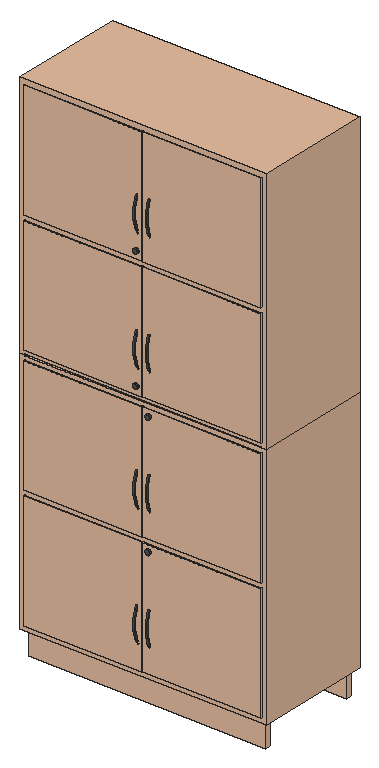
Revit family "Furniture_ShelvingStorage_Sjobergs_Cabinet_2", category Furniture, Revit 2018
Family settings
  OmniClass Number = 23.40.20.27.21
  OmniClass Title = Mobile Storage Units
  Work Plane-Based = No
  Always vertical = Yes
  Cut with Voids When Loaded = No
  Shared = No
  Room Calculation Point = No
Parameters (values of type "33031 Sjobergs Complete Cabinet 2")
  WarrantyStartDate [instance] = "n/a"
  WarrantyGuarantorParts = "n/a"
  WarrantyGuarantorLabor = "n/a"
  WarrantyDurationUnit = "n/a"
  WarrantyDurationParts = "n/a"
  WarrantyDurationLabor = "n/a"
  WarrantyDescription = "n/a"
  VersionDate = "30/06/2020"  # constant formula
  Version = "1"  # constant formula
  Uniclass2015Reference = "Pr_40_30_78_25"
  Uniclass2015Description = "Storage units"
  Uniclass2 = "Pr_40_30_78_24"
  URL = "https://www.sjobergs.se/sortiment/forvaring/58.php?id=1169&cat=11&lang=se&artnr=33031"
  Type Comments = ""
  TagNumber [instance] = "n//a"
  SustainabilityPerformance = "n/a"
  Style = "n/a"
  Size = "1000x490x2100 mm"
  ShowClearance [instance] = yes
  Shape = "Sculptured"
  SerialNumber [instance] = "n/a"
  Revision = "n/a"
  ReplacementCost = "n/a"
  ProductInformation = "A full height cabinet includes three fixed and four removable shelves."
  ProductDatasheet = "https://www.sjobergs.se/dbhires/Produktblad_skap2_33031.pdf"
  NominalWidth = 1000 mm
  NominalHeight = 2100 mm
  NominalDepth = 930 mm
  Name = "Sjobergs_Cabinet_2"
  NBSReference = "45-35-47/415"
  NBSDescription = "Cabinets"
  ModelReference = "n/a"
  ModelNumber = "33031"
  Material = "Wood"
  ManufacturerName = "Sjobergs"
  ManufacterURL = "https://www.sjobergs.se/en/"
  MainColor = "Wooden"
  InstallationDate [instance] = "n/a"
  EANNumber = ""
  DrawerTertiaryMaterial = Clearance
  DrawerSecondaryMaterial [instance] = Black Metal
  DrawerMainMaterial [instance] = Beech
  DoorsVisibility [instance] = no
  Description = "A full height cabinet includes three fixed and four removable shelves."
  Model = "33031 Sjobergs Complete Cabinet 2"
  Manufacturer = "Sjobergs"
  IfcExportType = "DRAWER"  # constant formula
  IfcExportAs = "IfcFurnitureType"  # constant formula
  Grade = "n/a"
  Finish = "Birch plywood 18 mm, doors in birch laminate"
  Features = "As stable, robust and functional as Cabinet 1 with half-doors in birch and potty hinges that allow the doors to open 170 degrees.\r\nThe interior consists of 4 fixed and 4 removable shelves in 18 mm birch plywood.\r\nWith base, the cabinet has a full height of 2100 mm, depth 490 mm and width of\r\n1000 mm.\r\nA sturdy cabinet for student work or other storage. Frame and interior in 18\r\nmm birch plywood that provides both stability and durability. Doors in birch.\r\nThe cabinets come unmounted in flat pack, knock down. Everything to minimize\r\nthe risk of injury during transport. The mounting of the cabinets is very simple,\r\ninstallation instructions are included in the packages.\r\nWe also supply pre-assembled cabinets at an additional cost."
  ExpectedLife = "n/a"
  DurationUnit = "n/a"
  Cost = 0
  ConvergoRefNr = "0184-2005-0012-SE"
  Constituents = "n/a"
  Color = "Wooden"
  Collection = "Cabinet"
  CodePerformance = "n/a"
  Category = "Cabinets"
  Brand = "Sjobergs"
  Barcode [instance] = "n/a"
  BIMObjectName = "Furniture_Shelving&Storage_Sjobergs_Cabinet_2"
  Author = "Convergo AB"  # constant formula
  AssetType = "Movable"
  AssetIdentifier [instance] = "n/a"
  AccessibilityPerformance = "n/a"
Reference planes
  plane 1 "Center (Front/Back)": y = 0
  plane 2: z = 0
  plane 3 "Center (Left/Right)": x = 0
  plane 4: x = -500
  plane 5: x = 500
  plane 6: z = 2100
  plane 7: y = 465
  plane 8: y = -465
Forms (mm)
  Extrusion 1, solid, material "Clearance" <- "DrawerTertiaryMaterial", visible <- "ShowClearance", detail levels coarse+medium
    sketch origin (0, 173.5, 0) x (1, 0, 0) y (0, 1, 0)
      loop
        line (-480, -173.5) -> (-479.992, -653.5)
        arc (-479.992, -653.5) -> (-140.586, -512.908) -> (0, -173.5) r 480
        line (0, -173.5) -> (-480, -173.5)
    from 120 to 2079.875
  Extrusion 2, solid, material "Clearance" <- "DrawerTertiaryMaterial", visible <- "ShowClearance", detail levels coarse+medium
    sketch origin (0, 173.5, 0) x (-1, 0, 0) y (0, -1, 0)
      loop
        line (-480, 173.5) -> (0, 173.5)
        arc (0, 173.5) -> (-140.586, 512.908) -> (-479.992, 653.5) r 480
        line (-479.992, 653.5) -> (-480, 173.5)
    from 120 to 2079.875
Dimensions and locks
  equal spacing: plane 4, plane 3 "Center (Left/Right)", plane 5
  "NominalWidth": plane 4 to plane 5
  "NominalHeight": plane 6 to plane 2
  equal spacing: plane 8, plane 1 "Center (Front/Back)", plane 7
  "NominalDepth": plane 8 to plane 7
  aligned and locked: level to plane 2
Automatic sketch dimensions
  Extrusion 1 sketch curve to plane 3 "Center (Left/Right)" = 0 mm
  Extrusion 1 sketch curve to plane 4 = 20.008 mm
  Extrusion 1 sketch curve to plane 4 = 20 mm
  Extrusion 1 sketch curve to Extrusion 1 sketch curve = 0 mm
  Extrusion 2 sketch curve to plane 3 "Center (Left/Right)" = 0 mm
  plane 5 to Extrusion 2 sketch curve = 20.008 mm
  plane 5 to Extrusion 2 sketch curve = 20 mm
  Extrusion 2 sketch curve to Extrusion 2 sketch curve = 0 mm
  plane 1 "Center (Front/Back)" to Extrusion 1 sketch curve = 480 mm
  Extrusion 2 sketch curve to plane 1 "Center (Front/Back)" = 480 mm
Nested families
  nested 1: "Cabinet 2" at (0, 117, 0), Material 1 <- "DrawerMainMaterial", Material 2 <- "DrawerSecondaryMaterial", Opened <- "DoorsVisibility", type "Cabinet 2"
    with Opened no, Material 2 Black Metal, Material 1 Beech, Extrude 193.5 mm, Closed yes
Definition of nested family "Cabinet 2"
  Parameters (values of type "Cabinet 2")
    Opened [instance] = no
    Material 2 [instance] = none
    Material 1 [instance] = none
    Extrude [instance] = if(Opened, 296.5 mm, 193.5 mm)  # 193.5 mm
    Closed [instance] = not(Opened)  # yes
  Reference planes
    plane 1 "Center (Front/Back)": y = 51.5
    plane 2: z = 0
    plane 3 "Center (Left/Right)": x = 0
    plane 4: x = -500
    plane 5: y = -142
    plane 6: x = 500
    plane 7: z = 2100
    plane 8: y = 348
    plane 9: y = -142
    plane 10: y = -122
    plane 11: x = -480.002
    plane 12: x = -470
    plane 13: x = -450
    plane 14: x = -25
    plane 15: x = 25
    plane 16: z = 1859.758
    plane 17: z = 1698.242
    plane 18: y = -222
    plane 19: z = 1368.758
    plane 20: z = 860.758
    plane 21: z = 369.758
    plane 22: y = 215
    plane 23: y = -582
    plane 24: y = -559
  Forms (mm)
    Extrusion 1, solid, material <- "Material 1", detail levels medium+fine
      sketch origin (0, 0, 0) x (1, 0, 0) y (0, 1, 0)
        loop
          line (-500, 348) -> (-500, -122) -> (500, -122) -> (500, 348) -> (-500, 348)
      from 1100 to 2100
    Extrusion 2, solid, material <- "Material 1", visible <- "Closed", detail levels medium+fine
      sketch origin (-1085.763, -225, 322.722) x (1, 0, 0) y (0, 0, 1)
        loop
          line (605.763, 1757.153) -> (605.763, 1287.153) -> (1083.763, 1287.153) -> (1083.763, 1757.153) -> (605.763, 1757.153)
        loop
          line (1087.763, 1287.153) -> (1565.763, 1287.153) -> (1565.763, 1757.153) -> (1087.763, 1757.153) -> (1087.763, 1287.153)
        loop
          line (605.763, 1266.153) -> (605.763, 796.153) -> (1083.763, 796.153) -> (1083.763, 1266.153) -> (605.763, 1266.153)
        loop
          line (1087.763, 796.153) -> (1565.763, 796.153) -> (1565.763, 1266.153) -> (1087.763, 1266.153) -> (1087.763, 796.153)
        loop
          line (605.763, -202.847) -> (1083.763, -202.847) -> (1083.763, 267.153) -> (605.763, 267.153) -> (605.763, -202.847)
        loop
          line (1087.763, 267.153) -> (1087.763, -202.847) -> (1565.763, -202.847) -> (1565.763, 267.153) -> (1087.763, 267.153)
        loop
          line (605.763, 288.153) -> (1083.763, 288.153) -> (1083.763, 758.153) -> (605.763, 758.153) -> (605.763, 288.153)
        loop
          line (1087.763, 758.153) -> (1087.763, 288.153) -> (1565.763, 288.153) -> (1565.763, 758.153) -> (1087.763, 758.153)
      from -103 to -98
    Extrusion 3, solid, material <- "Material 2", visible <- "Closed", detail levels medium+fine
      sketch origin (-1084.991, 902.153, 324.777) x (1, 0, 0) y (0, 0, 1)
        loop
          circle (1059.991, 1315.153) r 9.75
        loop
          circle (1059.991, 824.153) r 9.75
        loop
          circle (1109.991, 730.153) r 9.75
        loop
          circle (1109.991, 239.153) r 9.75
      from 1029.153 to 1034.153
    Extrusion 4, solid, material <- "Material 1", detail levels coarse
      sketch origin (0, 0, 0) x (1, 0, 0) y (0, 1, 0)
        loop
          line (-500, 348) -> (-500, -142) -> (500, -142) -> (500, 348) -> (-500, 348)
      from 0 to 2100
    Extrusion 5, solid, material <- "Material 1", detail levels medium+fine
      sketch origin (0, 0, 0) x (1, 0, 0) y (0, 1, 0)
        loop
          line (-480, 308) -> (480, 308) -> (480, 328) -> (-480, 328) -> (-480, 308)
        loop
          line (-480, -82) -> (-480, -102) -> (480, -102) -> (480, -82) -> (-480, -82)
      from 0 to 100
    Extrusion 6, void
      sketch origin (0, 0, 0) x (1, 0, 0) y (0, 0, 1)
        loop
          line (-480, 1102.5) -> (-480, 1097.5) -> (480, 1097.5) -> (480, 1102.5) -> (-480, 1102.5)
      from -335.925 to 122
    Extrusion 7, solid, material <- "Material 1", detail levels medium+fine
      sketch origin (0, 0, 0) x (1, 0, 0) y (0, 1, 0)
        loop
          line (-500, 348) -> (-500, -122) -> (500, -122) -> (500, 348) -> (-500, 348)
      from 100 to 1100
    Sweep 8, solid, material <- "Material 2", visible <- "Closed", detail levels medium+fine
      path origin (0, 102.998, -999) x (0, 1, 0) y (0, 0, 1)
        loop
          arc (-220.361, 1859.758) -> (-242, 1779) -> (-220.361, 1698.242) r 161.516
      profile origin (0, -139.002, 780) x (1, 0, 0) y (0, 1, 0)
        loop
          circle (-25, 0) r 3
        loop
          circle (25, 0) r 3
    Sweep 9, solid, material <- "Material 2", visible <- "Closed", detail levels medium+fine
      path origin (0, 102.998, -1490) x (0, 1, 0) y (0, 0, 1)
        loop
          arc (-220.361, 1859.758) -> (-242, 1779) -> (-220.361, 1698.242) r 161.516
      profile origin (0, -139.002, 289) x (1, 0, 0) y (0, 1, 0)
        loop
          circle (-25, 0) r 3
        loop
          circle (25, 0) r 3
    Sweep 10, solid, material <- "Material 2", visible <- "Closed", detail levels medium+fine
      path origin (0, 102.998, -491) x (0, 1, 0) y (0, 0, 1)
        loop
          arc (-220.361, 1859.758) -> (-242, 1779) -> (-220.361, 1698.242) r 161.516
      profile origin (0, -139.002, 1288) x (1, 0, 0) y (0, 1, 0)
        loop
          circle (-25, 0) r 3
        loop
          circle (25, 0) r 3
    Sweep 11, solid, material <- "Material 2", visible <- "Closed", detail levels medium+fine
      path origin (0, 102.998, 0) x (0, 1, 0) y (0, 0, 1)
        loop
          arc (-220.361, 1859.758) -> (-242, 1779) -> (-220.361, 1698.242) r 161.516
      profile origin (0, -139.002, 1779) x (1, 0, 0) y (0, 1, 0)
        loop
          circle (-25, 0) r 3
        loop
          circle (25, 0) r 3
    Extrusion 12, void
      sketch origin (0.097, 51.5, 0) x (1, 0, 0) y (0, 0, 1)
        loop
          line (-450.097, 610.875) -> (449.903, 610.875) -> (449.903, 1080.875) -> (-450.097, 1080.875) -> (-450.097, 610.875)
      from -284.425 to 193.5
    Extrusion 13, void
      sketch origin (0.097, 51.5, 0) x (1, 0, 0) y (0, 0, 1)
        loop
          line (449.903, 2080) -> (-450.097, 2080) -> (-450.097, 1609.875) -> (449.903, 1609.875) -> (449.903, 2080)
      from -284.425 to 193.5
    Extrusion 14, void
      sketch origin (0.097, 51.5, -491) x (1, 0, 0) y (0, 0, 1)
        loop
          line (449.903, 2080) -> (-450.097, 2080) -> (-450.097, 1609.875) -> (449.903, 1609.875) -> (449.903, 2080)
      from -284.425 to 193.5
    Extrusion 15, void
      sketch origin (0.097, 51.5, -491) x (1, 0, 0) y (0, 0, 1)
        loop
          line (-450.097, 610.875) -> (449.903, 610.875) -> (449.903, 1080.875) -> (-450.097, 1080.875) -> (-450.097, 610.875)
      from -284.425 to 193.5
    Extrusion 16, void
      sketch origin (-0.002, 0, 0) x (1, 0, 0) y (0, 0, 1)
        loop
          line (-480, 610.875) -> (-449.998, 610.875) -> (-449.998, 1080.875) -> (-480, 1080.875) -> (-480, 610.875)
        loop
          line (480, 610.875) -> (480, 1080.875) -> (450.002, 1080.875) -> (450.002, 610.875) -> (480, 610.875)
      from -328 to 142
    Extrusion 17, void
      sketch origin (-0.002, 0, 0) x (1, 0, 0) y (0, 0, 1)
        loop
          line (-480, 2080) -> (-480, 1609.875) -> (-449.998, 1609.875) -> (-449.998, 2080) -> (-480, 2080)
        loop
          line (480, 2080) -> (450.002, 2080) -> (450.002, 1609.875) -> (480, 1609.875) -> (480, 2080)
      from -328 to 142
    Extrusion 18, void
      sketch origin (-0.002, 0, -491) x (1, 0, 0) y (0, 0, 1)
        loop
          line (-480, 2080) -> (-480, 1609.875) -> (-449.998, 1609.875) -> (-449.998, 2080) -> (-480, 2080)
        loop
          line (480, 2080) -> (450.002, 2080) -> (450.002, 1609.875) -> (480, 1609.875) -> (480, 2080)
      from -328 to 142
    Extrusion 19, void
      sketch origin (-0.002, 0, -491) x (1, 0, 0) y (0, 0, 1)
        loop
          line (-480, 610.875) -> (-449.998, 610.875) -> (-449.998, 1080.875) -> (-480, 1080.875) -> (-480, 610.875)
        loop
          line (480, 610.875) -> (480, 1080.875) -> (450.002, 1080.875) -> (450.002, 610.875) -> (480, 610.875)
      from -328 to 142
    Extrusion 20, solid, material <- "Material 1", visible <- "Opened", detail levels medium+fine
      sketch origin (-2952.99, 18.911, -1957.686) x (1, 0, 0) y (0, 0, 1)
        loop
          line (2485.49, 3567.561) -> (2490.49, 3567.561) -> (2490.49, 4037.686) -> (2485.49, 4037.686) -> (2485.49, 3567.561)
        loop
          line (3420.49, 3567.561) -> (3420.49, 4037.686) -> (3415.49, 4037.686) -> (3415.49, 3567.561) -> (3420.49, 3567.561)
        loop
          line (2485.49, 3076.561) -> (2490.49, 3076.561) -> (2490.49, 3546.686) -> (2485.49, 3546.686) -> (2485.49, 3076.561)
        loop
          line (3420.49, 3076.561) -> (3420.49, 3546.686) -> (3415.49, 3546.686) -> (3415.49, 3076.561) -> (3420.49, 3076.561)
        loop
          line (2485.49, 2568.561) -> (2490.49, 2568.561) -> (2490.49, 3038.686) -> (2485.49, 3038.686) -> (2485.49, 2568.561)
        loop
          line (3420.49, 2568.561) -> (3420.49, 3038.686) -> (3415.49, 3038.686) -> (3415.49, 2568.561) -> (3420.49, 2568.561)
        loop
          line (2485.49, 2077.561) -> (2490.49, 2077.561) -> (2490.49, 2547.686) -> (2485.49, 2547.686) -> (2485.49, 2077.561)
        loop
          line (3420.49, 2077.561) -> (3420.49, 2547.686) -> (3415.49, 2547.686) -> (3415.49, 2077.561) -> (3420.49, 2077.561)
      from 140.911 to 600.911
    Sweep 21, solid, material <- "Material 2", visible <- "Opened", detail levels medium+fine
      path origin (-244.621, -584.029, 0) x (1, 0, 0) y (0, 0, 1)
        loop
          arc (-220.361, 1859.758) -> (-242, 1779) -> (-220.361, 1698.242) r 161.516
      profile origin (-486.621, -584.029, 1779) x (0, -1, 0) y (1, 0, 0)
        loop
          circle (-25, 0) r 3
    Sweep 22, solid, material <- "Material 2", visible <- "Opened", detail levels medium+fine
      path origin (244.621, -584.029, 0) x (-1, 0, 0) y (0, 0, -1)
        loop
          arc (-220.361, -1859.758) -> (-242, -1779) -> (-220.361, -1698.242) r 161.516
      profile origin (486.621, -584.029, 1779) x (0, -1, 0) y (1, 0, 0)
        loop
          circle (-25, 0) r 3
    Sweep 23, solid, material <- "Material 2", visible <- "Opened", detail levels medium+fine
      path origin (-244.621, -584.029, -491) x (1, 0, 0) y (0, 0, 1)
        loop
          arc (-220.361, 1859.758) -> (-242, 1779) -> (-220.361, 1698.242) r 161.516
      profile origin (-486.621, -584.029, 1288) x (0, -1, 0) y (1, 0, 0)
        loop
          circle (-25, 0) r 3
    Sweep 24, solid, material <- "Material 2", visible <- "Opened", detail levels medium+fine
      path origin (244.621, -584.029, -491) x (-1, 0, 0) y (0, 0, -1)
        loop
          arc (-220.361, -1859.758) -> (-242, -1779) -> (-220.361, -1698.242) r 161.516
      profile origin (486.621, -584.029, 1288) x (0, -1, 0) y (1, 0, 0)
        loop
          circle (-25, 0) r 3
    Sweep 25, solid, material <- "Material 2", visible <- "Opened", detail levels medium+fine
      path origin (-244.621, -584.029, -999) x (1, 0, 0) y (0, 0, 1)
        loop
          arc (-220.361, 1859.758) -> (-242, 1779) -> (-220.361, 1698.242) r 161.516
      profile origin (-486.621, -584.029, 780) x (0, -1, 0) y (1, 0, 0)
        loop
          circle (-25, 0) r 3
    Sweep 26, solid, material <- "Material 2", visible <- "Opened", detail levels medium+fine
      path origin (244.621, -584.029, -999) x (-1, 0, 0) y (0, 0, -1)
        loop
          arc (-220.361, -1859.758) -> (-242, -1779) -> (-220.361, -1698.242) r 161.516
      profile origin (486.621, -584.029, 780) x (0, -1, 0) y (1, 0, 0)
        loop
          circle (-25, 0) r 3
    Sweep 27, solid, material <- "Material 2", visible <- "Opened", detail levels medium+fine
      path origin (-244.621, -584.029, -1490) x (1, 0, 0) y (0, 0, 1)
        loop
          arc (-220.361, 1859.758) -> (-242, 1779) -> (-220.361, 1698.242) r 161.516
      profile origin (-486.621, -584.029, 289) x (0, -1, 0) y (1, 0, 0)
        loop
          circle (-25, 0) r 3
    Sweep 28, solid, material <- "Material 2", visible <- "Opened", detail levels medium+fine
      path origin (244.621, -584.029, -1490) x (-1, 0, 0) y (0, 0, -1)
        loop
          arc (-220.361, -1859.758) -> (-242, -1779) -> (-220.361, -1698.242) r 161.516
      profile origin (486.621, -584.029, 289) x (0, -1, 0) y (1, 0, 0)
        loop
          circle (-25, 0) r 3
    Extrusion 29, solid, material <- "Material 2", visible <- "Opened", detail levels medium+fine
      sketch origin (484.639, 500.991, 324.777) x (0, -1, 0) y (0, 0, 1)
        loop
          circle (1059.991, 1315.153) r 9.75
      from 954.639 to 959.639
    Extrusion 30, solid, material <- "Material 2", visible <- "Opened", detail levels medium+fine
      sketch origin (484.639, 500.991, -166.223) x (0, -1, 0) y (0, 0, 1)
        loop
          circle (1059.991, 1315.153) r 9.75
      from 954.639 to 959.639
    Extrusion 31, solid, material <- "Material 2", visible <- "Opened", detail levels medium+fine
      sketch origin (484.639, 500.991, -264.223) x (0, -1, 0) y (0, 0, 1)
        loop
          circle (1059.991, 1315.153) r 9.75
      from 9.639 to 14.639
    Extrusion 32, solid, material <- "Material 2", visible <- "Opened", detail levels medium+fine
      sketch origin (484.639, 500.991, -755.223) x (0, -1, 0) y (0, 0, 1)
        loop
          circle (1059.991, 1315.153) r 9.75
      from 9.639 to 14.639
  Cuts and joins
    Extrusion 6, Extrusion 13, Extrusion 14, Extrusion 17, Extrusion 18 cuts Extrusion 1
    Extrusion 6, Extrusion 12, Extrusion 15, Extrusion 16, Extrusion 19 cuts Extrusion 7
    Extrusion 14 cuts Sweep 11
    Extrusion 15 cuts Sweep 8
  Lines and regions (mm)
    symbolic lines, detail levels medium+fine
      curve 1: line (-461, 348, 0) -> (461, 348, 0)
      curve 2: line (480, 348, 0) -> (500, 348, 0)
      curve 3: line (500, 348, 0) -> (500, -122, 0)
      curve 4: line (500, -122, 0) -> (480, -122, 0)
      curve 6: line (-500, -122, 0) -> (-500, 348, 0)
      curve 7: line (-500, 348, 0) -> (-480, 348, 0)
      curve 8: line (-480, -122, 0) -> (-500, -122, 0)
      curve 9: line (461, 348, 0) -> (480, 348, 0)
      curve 10: line (-480, 348, 0) -> (-461, 348, 0)
      curve 11: line (0, 348, 2100) -> (0, -122, 2100)
      curve 12: line (0, -122, 100) -> (0, -102, 100)
      curve 13: line (0, -102, 100) -> (0, -102, 0)
      curve 14: line (0, -102, 0) -> (0, -82, 0)
      curve 15: line (0, -82, 0) -> (0, -82, 100)
      curve 16: line (0, -82, 100) -> (0, 308, 100)
      curve 17: line (0, 308, 100) -> (0, 308, 0)
      curve 18: line (0, 308, 0) -> (0, 328, 0)
      curve 19: line (0, 328, 0) -> (0, 328, 100)
      curve 20: line (0, 328, 100) -> (0, 348, 100)
      curve 21: line (0, 348, 100) -> (0, 348, 120)
      curve 22: line (0, 348, 1100) -> (0, 348, 1140)
      curve 23: line (0, 348, 2100) -> (0, 348, 120)
      curve 33: line (-500, 51.5, 2100) -> (500, 51.5, 2100)
      curve 34: line (500, 51.5, 2100) -> (500, 51.5, 100)
      curve 35: line (500, 51.5, 100) -> (480, 51.5, 100)
      curve 36: line (480, 51.5, 100) -> (480, 51.5, 0)
      curve 37: line (480, 51.5, 0) -> (-480, 51.5, 0)
      curve 38: line (-480, 51.5, 0) -> (-480, 51.5, 100)
      curve 39: line (-480, 51.5, 100) -> (-500, 51.5, 100)
      curve 40: line (-500, 51.5, 100) -> (-500, 51.5, 2100)
      curve 71: line (0, -122, 100) -> (0, -122, 119.875)
      curve 99: line (0, -122, 1080.875) -> (0, -122, 1118.875)
      curve 100: line (0, -122, 589.875) -> (0, -122, 610.875)
      curve 103: line (0, -122, 1609.875) -> (0, -122, 1588.875)
      curve 155: line (2, -122, 0) -> (-2, -122, 0)
    symbolic lines, visible <- "Closed", detail levels fine
      curve 5: line (480, -122, 0) -> (2, -122, 0)
      curve 31: line (-34.75, -127, 0) -> (-15.25, -127, 0)
      curve 42: line (-480, 51.5, 120) -> (480, 51.5, 120)
      curve 43: line (480, 51.5, 120) -> (480, 51.5, 2079.875)
      curve 45: line (-480, 51.5, 2079.875) -> (-480, 51.5, 120)
      curve 46: line (-2, 51.5, 589.875) -> (-480, 51.5, 589.875)
      curve 47: line (-2, 51.5, 589.875) -> (-2, 51.5, 120)
      curve 48: line (2, 51.5, 589.875) -> (480, 51.5, 589.875)
      curve 49: line (2, 51.5, 589.875) -> (2, 51.5, 120)
      curve 50: line (-480, 51.5, 610.875) -> (480, 51.5, 610.875)
      curve 51: line (480, 51.5, 1080.875) -> (2, 51.5, 1080.875)
      curve 52: line (2, 51.5, 1080.875) -> (-2, 51.5, 1080.875)
      curve 53: line (-2, 51.5, 1080.875) -> (-480, 51.5, 1080.875)
      curve 54: line (-2, 51.5, 1080.875) -> (-2, 51.5, 610.875)
      curve 55: line (2, 51.5, 610.875) -> (2, 51.5, 1080.875)
      curve 56: arc (15.25, 51.5, 1054.931) -> (25, 51.5, 1045.181) -> (34.75, 51.5, 1054.931) r 9.75
      curve 57: arc (34.75, 51.5, 1054.931) -> (25, 51.5, 1064.681) -> (15.25, 51.5, 1054.931) r 9.75
      curve 58: arc (34.75, 51.5, 563.931) -> (25, 51.5, 573.681) -> (15.25, 51.5, 563.931) r 9.75
      curve 59: arc (15.25, 51.5, 563.931) -> (25, 51.5, 554.181) -> (34.75, 51.5, 563.931) r 9.75
      curve 60: line (-480, 51.5, 2080) -> (480, 51.5, 2080)
      curve 61: line (-2, 51.5, 1610.125) -> (-480, 51.5, 1610.125)
      curve 62: line (-2, 51.5, 1610.125) -> (-2, 51.5, 2080)
      curve 63: line (2, 51.5, 1609.875) -> (480, 51.5, 1609.875)
      curve 64: line (2, 51.5, 1609.875) -> (2, 51.5, 2080)
      curve 65: line (-480, 51.5, 1589.125) -> (480, 51.5, 1589.125)
      curve 66: line (480, 51.5, 1119.125) -> (2, 51.5, 1119.125)
      curve 67: line (2, 51.5, 1119.125) -> (-2, 51.5, 1119.125)
      curve 68: line (-2, 51.5, 1119.125) -> (-480, 51.5, 1119.125)
      curve 69: line (-2, 51.5, 1119.125) -> (-2, 51.5, 1589.125)
      curve 70: line (2, 51.5, 1589.125) -> (2, 51.5, 1119.125)
      curve 104: line (0, -122, 2079.875) -> (0, -122, 119.875)
      curve 105: line (0, -127, 554.181) -> (0, -127, 573.681)
      curve 106: line (0, -127, 1064.681) -> (0, -127, 1045.181)
      curve 107: line (0, -127, 1158.681) -> (0, -127, 1139.181)
      curve 108: line (0, -127, 1649.681) -> (0, -127, 1630.181)
      curve 109: arc (0, -127, 357.634) -> (0, -142.002, 289) -> (0, -127, 220.366) r 164.506
      curve 110: arc (0, -127, 341.655) -> (0, -136.002, 289) -> (0, -127, 236.345) r 158.506
      curve 112: arc (0, -127, 832.655) -> (0, -136.002, 780) -> (0, -127, 727.345) r 158.506
      curve 114: arc (0, -127, 1340.655) -> (0, -136.002, 1288) -> (0, -127, 1235.345) r 158.506
      curve 116: arc (0, -127, 1831.655) -> (0, -136.002, 1779) -> (0, -127, 1726.345) r 158.506
      curve 118: line (0, -127, 1710.366) -> (0, -127, 1847.634)
      curve 120: line (0, -127, 1219.366) -> (0, -127, 1356.634)
      curve 122: line (0, -127, 711.366) -> (0, -127, 848.634)
      curve 123: line (-28, 51.5, 1859.758) -> (-28, 51.5, 1698.242)
      curve 124: line (-22, 51.5, 1859.758) -> (-22, 51.5, 1698.242)
      curve 125: arc (-22, 51.5, 1859.758) -> (-25, 51.5, 1862.758) -> (-28, 51.5, 1859.758) r 3
      curve 126: arc (-28, 51.5, 1698.242) -> (-25, 51.5, 1695.242) -> (-22, 51.5, 1698.242) r 3
      curve 127: line (-28, 51.5, 1368.758) -> (-28, 51.5, 1207.242)
      curve 128: line (-22, 51.5, 1368.758) -> (-22, 51.5, 1207.242)
      curve 129: arc (-22, 51.5, 1368.758) -> (-25, 51.5, 1371.758) -> (-28, 51.5, 1368.758) r 3
      curve 130: arc (-28, 51.5, 1207.242) -> (-25, 51.5, 1204.242) -> (-22, 51.5, 1207.242) r 3
      curve 131: line (-28, 51.5, 860.758) -> (-28, 51.5, 699.242)
      curve 132: line (-22, 51.5, 860.758) -> (-22, 51.5, 699.242)
      curve 133: arc (-22, 51.5, 860.758) -> (-25, 51.5, 863.758) -> (-28, 51.5, 860.758) r 3
      curve 134: arc (-28, 51.5, 699.242) -> (-25, 51.5, 696.242) -> (-22, 51.5, 699.242) r 3
      curve 135: line (-28, 51.5, 369.758) -> (-28, 51.5, 208.242)
      curve 136: line (-22, 51.5, 369.758) -> (-22, 51.5, 208.242)
      curve 137: arc (-22, 51.5, 369.758) -> (-25, 51.5, 372.758) -> (-28, 51.5, 369.758) r 3
      curve 138: arc (-28, 51.5, 208.242) -> (-25, 51.5, 205.242) -> (-22, 51.5, 208.242) r 3
      curve 143: line (-22, -132, 0) -> (-28, -132, 0)
      curve 147: line (34.75, -127, 0) -> (15.25, -127, 0)
      curve 152: line (22, -132, 0) -> (28, -132, 0)
      curve 154: line (-2, -122, 0) -> (-480, -122, 0)
      curve 156: arc (-15.25, 51.5, 1639.931) -> (-25, 51.5, 1649.681) -> (-34.75, 51.5, 1639.931) r 9.75
      curve 157: arc (-34.75, 51.5, 1639.931) -> (-25, 51.5, 1630.181) -> (-15.25, 51.5, 1639.931) r 9.75
      curve 158: arc (-15.25, 51.5, 1148.931) -> (-25, 51.5, 1158.681) -> (-34.75, 51.5, 1148.931) r 9.75
      curve 159: arc (-34.75, 51.5, 1148.931) -> (-25, 51.5, 1139.181) -> (-15.25, 51.5, 1148.931) r 9.75
      curve 160: line (28, 51.5, 1859.758) -> (28, 51.5, 1698.242)
      curve 161: line (22, 51.5, 1859.758) -> (22, 51.5, 1698.242)
      curve 162: arc (22, 51.5, 1859.758) -> (25, 51.5, 1862.758) -> (28, 51.5, 1859.758) r 3
      curve 163: arc (28, 51.5, 1698.242) -> (25, 51.5, 1695.242) -> (22, 51.5, 1698.242) r 3
      curve 164: line (28, 51.5, 1368.758) -> (28, 51.5, 1207.242)
      curve 165: line (22, 51.5, 1368.758) -> (22, 51.5, 1207.242)
      curve 166: arc (22, 51.5, 1368.758) -> (25, 51.5, 1371.758) -> (28, 51.5, 1368.758) r 3
      curve 167: arc (28, 51.5, 1207.242) -> (25, 51.5, 1204.242) -> (22, 51.5, 1207.242) r 3
      curve 168: line (28, 51.5, 860.758) -> (28, 51.5, 699.242)
      curve 169: line (22, 51.5, 860.758) -> (22, 51.5, 699.242)
      curve 170: arc (22, 51.5, 860.758) -> (25, 51.5, 863.758) -> (28, 51.5, 860.758) r 3
      curve 171: arc (28, 51.5, 699.242) -> (25, 51.5, 696.242) -> (22, 51.5, 699.242) r 3
      curve 172: line (28, 51.5, 369.758) -> (28, 51.5, 208.242)
      curve 173: line (22, 51.5, 369.758) -> (22, 51.5, 208.242)
      curve 174: arc (22, 51.5, 369.758) -> (25, 51.5, 372.758) -> (28, 51.5, 369.758) r 3
      curve 175: arc (28, 51.5, 208.242) -> (25, 51.5, 205.242) -> (22, 51.5, 208.242) r 3
    symbolic lines, detail levels fine
      curve 24: line (0, 328, 100) -> (0, 308, 100)
      curve 25: line (0, -82, 100) -> (0, -102, 100)
      curve 41: line (-480, 51.5, 100) -> (480, 51.5, 100)
      curve 44: line (480, 51.5, 2079.875) -> (-480, 51.5, 2079.875)
      curve 255: line (-480, 51.5, 1829.688) -> (-480, 51.5, 2080)
      curve 258: line (-480, 51.5, 1751.162) -> (-480, 51.5, 1806.664)
      curve 272: line (480, 51.5, 1829.688) -> (480, 51.5, 2080)
      curve 275: line (480, 51.5, 1751.162) -> (480, 51.5, 1806.664)
      curve 278: line (480, 51.5, 1588.875) -> (-480, 51.5, 1588.875)
      curve 288: line (-480, 51.5, 1338.688) -> (-480, 51.5, 1589)
      curve 291: line (-480, 51.5, 1260.162) -> (-480, 51.5, 1315.664)
      curve 305: line (480, 51.5, 1338.688) -> (480, 51.5, 1589)
      curve 308: line (480, 51.5, 1260.162) -> (480, 51.5, 1315.664)
      curve 310: line (480, 51.5, 1080.875) -> (-480, 51.5, 1080.875)
      curve 320: line (-480, 51.5, 830.688) -> (-480, 51.5, 1081)
      curve 323: line (-480, 51.5, 752.162) -> (-480, 51.5, 807.664)
      curve 334: line (480, 51.5, 830.688) -> (480, 51.5, 1081)
      curve 337: line (480, 51.5, 752.162) -> (480, 51.5, 807.664)
      curve 339: line (480, 51.5, 589.875) -> (-480, 51.5, 589.875)
      curve 349: line (-480, 51.5, 339.688) -> (-480, 51.5, 590)
      curve 352: line (-480, 51.5, 261.162) -> (-480, 51.5, 316.664)
      curve 363: line (480, 51.5, 339.688) -> (480, 51.5, 590)
      curve 366: line (480, 51.5, 261.162) -> (480, 51.5, 316.664)
    symbolic lines, visible <- "Closed", detail levels medium+fine
      curve 26: line (-2, -127, 0) -> (-15.25, -127, 0)
      curve 27: line (-15.25, -127, 0) -> (-15.25, -132, 0)
      curve 28: line (-15.25, -132, 0) -> (-22, -132, 0)
      curve 29: line (-34.75, -132, 0) -> (-34.75, -127, 0)
      curve 30: line (-34.75, -127, 0) -> (-480, -127, 0)
      curve 32: line (2, -127, 0) -> (15.25, -127, 0)
      curve 72: line (0, -127, 119.875) -> (0, -127, 554.181)
      curve 73: line (0, -127, 554.181) -> (0, -132, 554.181)
      curve 74: line (0, -132, 554.181) -> (0, -132, 573.681)
      curve 75: line (0, -132, 573.681) -> (0, -127, 573.681)
      curve 76: line (0, -127, 573.681) -> (0, -127, 589.875)
      curve 77: line (0, -127, 589.875) -> (0, -122, 589.875)
      curve 78: line (0, -122, 610.875) -> (0, -127, 610.875)
      curve 79: line (0, -127, 610.875) -> (0, -127, 711.366)
      curve 80: line (0, -127, 1045.181) -> (0, -132, 1045.181)
      curve 81: line (0, -132, 1045.181) -> (0, -132, 1064.681)
      curve 82: line (0, -132, 1064.681) -> (0, -127, 1064.681)
      curve 83: line (0, -127, 1064.681) -> (0, -127, 1080.875)
      curve 84: line (0, -127, 1080.875) -> (0, -122, 1080.875)
      curve 85: line (0, -127, 1118.875) -> (0, -127, 1139.181)
      curve 86: line (0, -127, 1139.181) -> (0, -132, 1139.181)
      curve 87: line (0, -132, 1139.181) -> (0, -132, 1158.681)
      curve 88: line (0, -132, 1158.681) -> (0, -127, 1158.681)
      curve 89: line (0, -127, 1158.681) -> (0, -127, 1219.366)
      curve 90: line (0, -127, 1588.875) -> (0, -122, 1588.875)
      curve 91: line (0, -122, 1609.875) -> (0, -127, 1609.875)
      curve 92: line (0, -127, 1609.875) -> (0, -127, 1630.181)
      curve 93: line (0, -127, 1630.181) -> (0, -132, 1630.181)
      curve 94: line (0, -132, 1630.181) -> (0, -132, 1649.681)
      curve 95: line (0, -132, 1649.681) -> (0, -127, 1649.681)
      curve 96: line (0, -127, 1649.681) -> (0, -127, 1710.366)
      curve 97: line (0, -127, 2079.875) -> (0, -122, 2079.875)
      curve 98: line (0, -127, 1118.875) -> (0, -122, 1118.875)
      curve 101: line (0, -127, 119.875) -> (0, -122, 119.875)
      curve 102: line (0, -122, 2100) -> (0, -122, 2079.875)
      curve 111: arc (0, -127, 848.634) -> (0, -142.002, 780) -> (0, -127, 711.366) r 164.506
      curve 113: arc (0, -127, 1356.634) -> (0, -142.002, 1288) -> (0, -127, 1219.366) r 164.506
      curve 115: arc (0, -127, 1847.634) -> (0, -142.002, 1779) -> (0, -127, 1710.366) r 164.506
      curve 117: line (0, -127, 1847.634) -> (0, -127, 2079.875)
      curve 119: line (0, -127, 1356.634) -> (0, -127, 1588.875)
      curve 121: line (0, -127, 848.634) -> (0, -127, 1045.181)
      curve 139: line (-28, -132, 0) -> (-28, -139, 0)
      curve 140: line (-22, -132, 0) -> (-22, -139, 0)
      curve 141: arc (-28, -139, 0) -> (-25, -142, 0) -> (-22, -139, 0) r 3
      curve 142: line (-28, -132, 0) -> (-34.75, -132, 0)
      curve 144: line (15.25, -127, 0) -> (15.25, -132, 0)
      curve 145: line (15.25, -132, 0) -> (22, -132, 0)
      curve 146: line (34.75, -132, 0) -> (34.75, -127, 0)
      curve 148: line (28, -132, 0) -> (28, -139, 0)
      curve 149: line (22, -132, 0) -> (22, -139, 0)
      curve 150: arc (28, -139, 0) -> (25, -142, 0) -> (22, -139, 0) r 3
      curve 151: line (28, -132, 0) -> (34.75, -132, 0)
      curve 153: line (34.75, -127, 0) -> (480, -127, 0)
      curve 374: line (480, -127, 0) -> (480, -122, 0)
      curve 375: line (-480, -127, 0) -> (-480, -122, 0)
      curve 376: line (-2, -127, 0) -> (-2, -122, 0)
      curve 377: line (2, -127, 0) -> (2, -122, 0)
    symbolic lines, visible <- "Opened", detail levels medium+fine
      curve 176: line (-470, -122, 0) -> (-470, -549.25, 0)
      curve 177: line (-470, -582, 0) -> (-465, -582, 0)
      curve 178: line (-465, -582, 0) -> (-465, -122, 0)
      curve 179: line (-465, -122, 0) -> (465, -122, 0)
      curve 180: line (465, -122, 0) -> (465, -582, 0)
      curve 181: line (465, -582, 0) -> (470, -582, 0)
      curve 182: line (470, -582, 0) -> (470, -568.75, 0)
      curve 183: line (-480, -122, 0) -> (-470, -122, 0)
      curve 184: line (480, -122, 0) -> (470, -122, 0)
      curve 185: line (465, -122, 0) -> (-465, -122, 0)
      curve 188: line (-475, -549.25, 0) -> (-470, -549.25, 0)
      curve 189: line (-475, -549.25, 0) -> (-475, -555.985, 0)
      curve 190: line (-475, -555.985, 0) -> (-486.33, -555.985, 0)
      curve 191: arc (-486.33, -555.985, 0) -> (-489.394, -559.049, 0) -> (-486.33, -562.114, 0) r 3.065
      curve 192: line (-486.33, -562.114, 0) -> (-475, -562.114, 0)
      curve 193: line (-475, -562.114, 0) -> (-475, -568.75, 0)
      curve 194: line (-475, -568.75, 0) -> (-470, -568.75, 0)
      curve 196: line (-470, -568.75, 0) -> (-470, -582, 0)
      curve 198: line (475, -549.25, 0) -> (470, -549.25, 0)
      curve 199: line (475, -549.25, 0) -> (475, -555.985, 0)
      curve 200: line (475, -555.985, 0) -> (486.33, -555.985, 0)
      curve 201: arc (486.33, -555.985, 0) -> (489.394, -559.049, 0) -> (486.33, -562.114, 0) r 3.065
      curve 202: line (486.33, -562.114, 0) -> (475, -562.114, 0)
      curve 203: line (475, -562.114, 0) -> (475, -568.75, 0)
      curve 204: line (475, -568.75, 0) -> (470, -568.75, 0)
      curve 206: line (470, -549.25, 0) -> (470, -122, 0)
      curve 208: line (0, -122, 2100) -> (0, -122, 2079.875)
      curve 209: line (0, -122, 2079.875) -> (0, -582, 2079.875)
      curve 210: line (0, -582, 2079.875) -> (0, -582, 1609.875)
      curve 211: line (0, -582, 1609.875) -> (0, -122, 1609.875)
      curve 212: line (0, -122, 1609.875) -> (0, -122, 1589.125)
      curve 213: line (0, -582, 1589.125) -> (0, -122, 1589.125)
      curve 214: line (0, -582, 1589.125) -> (0, -582, 1118.875)
      curve 215: line (0, -582, 1118.875) -> (0, -122, 1118.875)
      curve 216: line (0, -122, 1082) -> (0, -582, 1082)
      curve 217: line (0, -582, 1082) -> (0, -582, 610.875)
      curve 218: line (0, -582, 610.875) -> (0, -122, 610.875)
      curve 219: line (0, -122, 589.875) -> (0, -582, 589.875)
      curve 220: line (0, -122, 610.875) -> (0, -122, 589.875)
      curve 221: line (0, -582, 589.875) -> (0, -582, 119.875)
      curve 222: line (0, -582, 119.875) -> (0, -122, 119.875)
      curve 223: line (0, -122, 119.875) -> (0, -122, 100)
      curve 224: line (0, -122, 1118.875) -> (0, -122, 1082)
    symbolic lines, visible <- "Opened", detail levels fine
      curve 186: line (-470, -122, 0) -> (-465, -122, 0)
      curve 187: line (465, -122, 0) -> (470, -122, 0)
      curve 195: line (-470, -549.25, 0) -> (-470, -568.75, 0)
      curve 197: line (-475, -555.985, 0) -> (-475, -562.114, 0)
      curve 205: line (475, -555.985, 0) -> (475, -562.114, 0)
      curve 207: line (470, -568.75, 0) -> (470, -549.25, 0)
      curve 225: line (0, -122, 2079.875) -> (0, -122, 119.875)
      curve 226: line (0, -555.974, 1853.792) -> (0, -555.974, 1704.255)
      curve 227: line (0, -562.026, 1853.792) -> (0, -562.026, 1704.255)
      curve 228: arc (0, -562.026, 1853.792) -> (0, -559, 1856.818) -> (0, -555.974, 1853.792) r 3.026
      curve 229: arc (0, -555.974, 1704.255) -> (0, -559, 1701.229) -> (0, -562.026, 1704.255) r 3.026
      curve 230: arc (0, -568.75, 1639.931) -> (0, -559, 1649.681) -> (0, -549.25, 1639.931) r 9.75
      curve 231: arc (0, -549.25, 1639.931) -> (0, -559, 1630.181) -> (0, -568.75, 1639.931) r 9.75
      curve 232: line (0, -555.974, 1362.792) -> (0, -555.974, 1213.255)
      curve 233: line (0, -562.026, 1362.792) -> (0, -562.026, 1213.255)
      curve 234: arc (0, -562.026, 1362.792) -> (0, -559, 1365.818) -> (0, -555.974, 1362.792) r 3.026
      curve 235: arc (0, -555.974, 1213.255) -> (0, -559, 1210.229) -> (0, -562.026, 1213.255) r 3.026
      curve 236: arc (0, -568.75, 1148.931) -> (0, -559, 1158.681) -> (0, -549.25, 1148.931) r 9.75
      curve 237: arc (0, -549.25, 1148.931) -> (0, -559, 1139.181) -> (0, -568.75, 1148.931) r 9.75
      curve 238: line (0, -555.974, 854.792) -> (0, -555.974, 705.255)
      curve 239: line (0, -562.026, 854.792) -> (0, -562.026, 705.255)
      curve 240: arc (0, -562.026, 854.792) -> (0, -559, 857.818) -> (0, -555.974, 854.792) r 3.026
      curve 241: arc (0, -555.974, 705.255) -> (0, -559, 702.229) -> (0, -562.026, 705.255) r 3.026
      curve 242: line (0, -555.974, 363.792) -> (0, -555.974, 214.255)
      curve 243: line (0, -562.026, 363.792) -> (0, -562.026, 214.255)
      curve 244: arc (0, -562.026, 363.792) -> (0, -559, 366.818) -> (0, -555.974, 363.792) r 3.026
      curve 245: arc (0, -555.974, 214.255) -> (0, -559, 211.229) -> (0, -562.026, 214.255) r 3.026
      curve 246: line (-480, 51.5, 2080) -> (480, 51.5, 2080)
      curve 247: line (-480, 51.5, 1609.875) -> (-480, 51.5, 1728.139)
      curve 248: line (-450, 51.5, 1609.875) -> (-480, 51.5, 1609.875)
      curve 249: line (-450, 51.5, 2080) -> (-450, 51.5, 1609.875)
      curve 250: line (-467.457, 51.5, 2079.875) -> (-467.457, 51.5, 1610.125)
      curve 251: line (-462.457, 51.5, 2079.875) -> (-462.457, 51.5, 1610.125)
      curve 252: arc (-467.457, 51.5, 1696.216) -> (-474.477, 51.5, 1711.884) -> (-480, 51.5, 1728.139) r 183.291
      curve 253: arc (-467.457, 51.5, 1707.985) -> (-475.095, 51.5, 1729.176) -> (-480, 51.5, 1751.162) r 178.291
      curve 254: arc (-480, 51.5, 1829.688) -> (-474.477, 51.5, 1845.943) -> (-467.457, 51.5, 1861.61) r 183.291
      curve 256: arc (-480, 51.5, 1806.664) -> (-475.095, 51.5, 1828.65) -> (-467.457, 51.5, 1849.842) r 178.291
      curve 257: arc (-480, 51.5, 1751.162) -> (-482.173, 51.5, 1778.913) -> (-480, 51.5, 1806.664) r 178.291
      curve 259: arc (-480, 51.5, 1728.139) -> (-487.173, 51.5, 1778.913) -> (-480, 51.5, 1829.688) r 183.291
      curve 260: line (-480, 51.5, 1609.875) -> (480, 51.5, 1609.875)
      curve 261: line (-475, 51.5, 1649.681) -> (-467.457, 51.5, 1649.681)
      curve 262: line (-475, 51.5, 1649.681) -> (-475, 51.5, 1630.181)
      curve 263: line (-475, 51.5, 1630.181) -> (-467.457, 51.5, 1630.181)
      curve 264: line (480, 51.5, 1609.875) -> (480, 51.5, 1728.139)
      curve 265: line (450, 51.5, 1609.875) -> (480, 51.5, 1609.875)
      curve 266: line (450, 51.5, 2080) -> (450, 51.5, 1609.875)
      curve 267: line (467.51, 51.5, 2079.875) -> (467.51, 51.5, 1610.125)
      curve 268: line (462.51, 51.5, 2079.875) -> (462.51, 51.5, 1610.125)
      curve 269: arc (467.51, 51.5, 1696.322) -> (474.498, 51.5, 1711.939) -> (480, 51.5, 1728.139) r 183.291
      curve 270: arc (467.51, 51.5, 1708.108) -> (475.114, 51.5, 1729.241) -> (480, 51.5, 1751.162) r 178.291
      curve 271: arc (480, 51.5, 1829.688) -> (474.498, 51.5, 1845.888) -> (467.51, 51.5, 1861.505) r 183.291
      curve 273: arc (480, 51.5, 1806.664) -> (475.114, 51.5, 1828.586) -> (467.51, 51.5, 1849.719) r 178.291
      curve 274: arc (480, 51.5, 1751.162) -> (482.173, 51.5, 1778.913) -> (480, 51.5, 1806.664) r 178.291
      curve 276: arc (480, 51.5, 1728.139) -> (487.173, 51.5, 1778.913) -> (480, 51.5, 1829.688) r 183.291
      curve 277: line (-500, 51.5, 1100) -> (500, 51.5, 1100)
      curve 279: line (-480, 51.5, 1589) -> (480, 51.5, 1589)
      curve 280: line (-480, 51.5, 1118.875) -> (-480, 51.5, 1237.139)
      curve 281: line (-450, 51.5, 1118.875) -> (-480, 51.5, 1118.875)
      curve 282: line (-450, 51.5, 1589) -> (-450, 51.5, 1118.875)
      curve 283: line (-467.457, 51.5, 1588.875) -> (-467.457, 51.5, 1119.125)
      curve 284: line (-462.457, 51.5, 1588.875) -> (-462.457, 51.5, 1119.125)
      curve 285: arc (-467.457, 51.5, 1205.216) -> (-474.477, 51.5, 1220.884) -> (-480, 51.5, 1237.139) r 183.291
      curve 286: arc (-467.457, 51.5, 1216.985) -> (-475.095, 51.5, 1238.176) -> (-480, 51.5, 1260.162) r 178.291
      curve 287: arc (-480, 51.5, 1338.688) -> (-474.477, 51.5, 1354.943) -> (-467.457, 51.5, 1370.61) r 183.291
      curve 289: arc (-480, 51.5, 1315.664) -> (-475.095, 51.5, 1337.65) -> (-467.457, 51.5, 1358.842) r 178.291
      curve 290: arc (-480, 51.5, 1260.162) -> (-482.173, 51.5, 1287.913) -> (-480, 51.5, 1315.664) r 178.291
      curve 292: arc (-480, 51.5, 1237.139) -> (-487.173, 51.5, 1287.913) -> (-480, 51.5, 1338.688) r 183.291
      curve 293: line (-480, 51.5, 1118.875) -> (480, 51.5, 1118.875)
      curve 294: line (-475, 51.5, 1158.681) -> (-467.457, 51.5, 1158.681)
      curve 295: line (-475, 51.5, 1158.681) -> (-475, 51.5, 1139.181)
      curve 296: line (-475, 51.5, 1139.181) -> (-467.457, 51.5, 1139.181)
      curve 297: line (480, 51.5, 1118.875) -> (480, 51.5, 1237.139)
      curve 298: line (450, 51.5, 1118.875) -> (480, 51.5, 1118.875)
      curve 299: line (450, 51.5, 1589) -> (450, 51.5, 1118.875)
      curve 300: line (467.51, 51.5, 1588.875) -> (467.51, 51.5, 1119.125)
      curve 301: line (462.51, 51.5, 1588.875) -> (462.51, 51.5, 1119.125)
      curve 302: arc (467.51, 51.5, 1205.322) -> (474.498, 51.5, 1220.939) -> (480, 51.5, 1237.139) r 183.291
      curve 303: arc (467.51, 51.5, 1217.108) -> (475.114, 51.5, 1238.241) -> (480, 51.5, 1260.162) r 178.291
      curve 304: arc (480, 51.5, 1338.688) -> (474.498, 51.5, 1354.888) -> (467.51, 51.5, 1370.505) r 183.291
      curve 306: arc (480, 51.5, 1315.664) -> (475.114, 51.5, 1337.586) -> (467.51, 51.5, 1358.719) r 178.291
      curve 307: arc (480, 51.5, 1260.162) -> (482.173, 51.5, 1287.913) -> (480, 51.5, 1315.664) r 178.291
      curve 309: arc (480, 51.5, 1237.139) -> (487.173, 51.5, 1287.913) -> (480, 51.5, 1338.688) r 183.291
      curve 311: line (-480, 51.5, 1081) -> (480, 51.5, 1081)
      curve 312: line (-480, 51.5, 610.875) -> (-480, 51.5, 729.139)
      curve 313: line (-450, 51.5, 610.875) -> (-480, 51.5, 610.875)
      curve 314: line (-450, 51.5, 1081) -> (-450, 51.5, 610.875)
      curve 315: line (-467.457, 51.5, 1080.875) -> (-467.457, 51.5, 611.125)
      curve 316: line (-462.457, 51.5, 1080.875) -> (-462.457, 51.5, 611.125)
      curve 317: arc (-467.457, 51.5, 697.216) -> (-474.477, 51.5, 712.884) -> (-480, 51.5, 729.139) r 183.291
      curve 318: arc (-467.457, 51.5, 708.985) -> (-475.095, 51.5, 730.176) -> (-480, 51.5, 752.162) r 178.291
      curve 319: arc (-480, 51.5, 830.688) -> (-474.477, 51.5, 846.943) -> (-467.457, 51.5, 862.61) r 183.291
      curve 321: arc (-480, 51.5, 807.664) -> (-475.095, 51.5, 829.65) -> (-467.457, 51.5, 850.842) r 178.291
      curve 322: arc (-480, 51.5, 752.162) -> (-482.173, 51.5, 779.913) -> (-480, 51.5, 807.664) r 178.291
      curve 324: arc (-480, 51.5, 729.139) -> (-487.173, 51.5, 779.913) -> (-480, 51.5, 830.688) r 183.291
      curve 325: line (-480, 51.5, 610.875) -> (480, 51.5, 610.875)
      curve 326: line (480, 51.5, 610.875) -> (480, 51.5, 729.139)
      curve 327: line (450, 51.5, 610.875) -> (480, 51.5, 610.875)
      curve 328: line (450, 51.5, 1081) -> (450, 51.5, 610.875)
      curve 329: line (467.51, 51.5, 1080.875) -> (467.51, 51.5, 611.125)
      curve 330: line (462.51, 51.5, 1080.875) -> (462.51, 51.5, 611.125)
      curve 331: arc (467.51, 51.5, 697.322) -> (474.498, 51.5, 712.939) -> (480, 51.5, 729.139) r 183.291
      curve 332: arc (467.51, 51.5, 709.108) -> (475.114, 51.5, 730.241) -> (480, 51.5, 752.162) r 178.291
      curve 333: arc (480, 51.5, 830.688) -> (474.498, 51.5, 846.888) -> (467.51, 51.5, 862.505) r 183.291
      curve 335: arc (480, 51.5, 807.664) -> (475.114, 51.5, 829.586) -> (467.51, 51.5, 850.719) r 178.291
      curve 336: arc (480, 51.5, 752.162) -> (482.173, 51.5, 779.913) -> (480, 51.5, 807.664) r 178.291
      curve 338: arc (480, 51.5, 729.139) -> (487.173, 51.5, 779.913) -> (480, 51.5, 830.688) r 183.291
      curve 340: line (-480, 51.5, 590) -> (480, 51.5, 590)
      curve 341: line (-480, 51.5, 119.875) -> (-480, 51.5, 238.139)
      curve 342: line (-450, 51.5, 119.875) -> (-480, 51.5, 119.875)
      curve 343: line (-450, 51.5, 590) -> (-450, 51.5, 119.875)
      curve 344: line (-467.457, 51.5, 589.875) -> (-467.457, 51.5, 120)
      curve 345: line (-462.457, 51.5, 589.875) -> (-462.457, 51.5, 120)
      curve 346: arc (-467.457, 51.5, 206.216) -> (-474.477, 51.5, 221.884) -> (-480, 51.5, 238.139) r 183.291
      curve 347: arc (-467.457, 51.5, 217.985) -> (-475.095, 51.5, 239.176) -> (-480, 51.5, 261.162) r 178.291
      curve 348: arc (-480, 51.5, 339.688) -> (-474.477, 51.5, 355.943) -> (-467.457, 51.5, 371.61) r 183.291
      curve 350: arc (-480, 51.5, 316.664) -> (-475.095, 51.5, 338.65) -> (-467.457, 51.5, 359.842) r 178.291
      curve 351: arc (-480, 51.5, 261.162) -> (-482.173, 51.5, 288.913) -> (-480, 51.5, 316.664) r 178.291
      curve 353: arc (-480, 51.5, 238.139) -> (-487.173, 51.5, 288.913) -> (-480, 51.5, 339.688) r 183.291
      curve 354: line (-480, 51.5, 119.875) -> (480, 51.5, 119.875)
      curve 355: line (480, 51.5, 119.875) -> (480, 51.5, 238.139)
      curve 356: line (450, 51.5, 119.875) -> (480, 51.5, 119.875)
      curve 357: line (450, 51.5, 590) -> (450, 51.5, 119.875)
      curve 358: line (467.51, 51.5, 589.875) -> (467.51, 51.5, 120)
      curve 359: line (462.51, 51.5, 589.875) -> (462.51, 51.5, 120)
      curve 360: arc (467.51, 51.5, 206.322) -> (474.498, 51.5, 221.939) -> (480, 51.5, 238.139) r 183.291
      curve 361: arc (467.51, 51.5, 218.108) -> (475.114, 51.5, 239.241) -> (480, 51.5, 261.162) r 178.291
      curve 362: arc (480, 51.5, 339.688) -> (474.498, 51.5, 355.888) -> (467.51, 51.5, 371.505) r 183.291
      curve 364: arc (480, 51.5, 316.664) -> (475.114, 51.5, 338.586) -> (467.51, 51.5, 359.719) r 178.291
      curve 365: arc (480, 51.5, 261.162) -> (482.173, 51.5, 288.913) -> (480, 51.5, 316.664) r 178.291
      curve 367: arc (480, 51.5, 238.139) -> (487.173, 51.5, 288.913) -> (480, 51.5, 339.688) r 183.291
      curve 368: line (475, 51.5, 650.681) -> (467.51, 51.5, 650.681)
      curve 369: line (475, 51.5, 650.681) -> (475, 51.5, 631.181)
      curve 370: line (475, 51.5, 631.181) -> (467.51, 51.5, 631.181)
      curve 371: line (475, 51.5, 159.681) -> (467.51, 51.5, 159.681)
      curve 372: line (475, 51.5, 159.681) -> (475, 51.5, 140.181)
      curve 373: line (475, 51.5, 140.181) -> (467.51, 51.5, 140.181)
  Dimensions and locks
    "Extrude": plane 1 "Center (Front/Back)" to plane 5
    aligned and locked: level to plane 2
  Automatic sketch dimensions
    Extrusion 1 sketch curve to plane 4 = 0 mm
    Extrusion 1 sketch curve to plane 6 = 0 mm
    Extrusion 1 sketch curve to plane 10 = 0 mm
    Extrusion 1 sketch curve to plane 8 = 0 mm
    plane 11 to Extrusion 2 sketch curve = 0.002 mm  (x4)
    Extrusion 2 sketch curve to plane 3 "Center (Left/Right)" = 2 mm  (x4)
    plane 3 "Center (Left/Right)" to Extrusion 2 sketch curve = 2 mm  (x4)
    plane 6 to Extrusion 2 sketch curve = 20 mm  (x4)
    level to Extrusion 2 sketch curve = 119.875 mm
    Extrusion 2 sketch curve to Extrusion 2 sketch curve = 0 mm  (x2)
    Extrusion 2 sketch curve to plane 21 = 220.117 mm  (x2)
    Extrusion 2 sketch curve to Extrusion 2 sketch curve = 21 mm  (x3)
    Extrusion 2 sketch curve to plane 20 = 220.117 mm  (x2)
    Extrusion 2 sketch curve to Extrusion 2 sketch curve = 38 mm  (x2)
    Extrusion 2 sketch curve to plane 17 = 109.367 mm  (x2)
    Extrusion 2 sketch curve to plane 7 = 20.125 mm  (x2)
    plane 14 to Extrusion 3 sketch curve = 0 mm  (x2)
    Extrusion 3 sketch curve to plane 15 = 0 mm  (x2)
    Extrusion 3 sketch curve to plane 21 = 194.173 mm
    Extrusion 3 sketch curve to plane 20 = 194.173 mm
    Extrusion 3 sketch curve to Extrusion 3 sketch curve = 94 mm
    Extrusion 3 sketch curve to plane 17 = 58.311 mm
    Extrusion 4 sketch curve to plane 4 = 0 mm
    plane 5 to Extrusion 4 sketch curve = 0 mm
    Extrusion 4 sketch curve to plane 6 = 0 mm
    Extrusion 4 sketch curve to plane 8 = 0 mm
    plane 11 to Extrusion 5 sketch curve = 0.002 mm  (x2)
    plane 6 to Extrusion 5 sketch curve = 20 mm  (x2)
    plane 10 to Extrusion 5 sketch curve = 20 mm
    Extrusion 5 sketch curve to Extrusion 5 sketch curve = 20 mm  (x2)
    Extrusion 5 sketch curve to plane 8 = 40 mm
    plane 11 to Extrusion 6 sketch curve = 0.002 mm
    plane 6 to Extrusion 6 sketch curve = 20 mm
    Extrusion 6 sketch curve to plane 20 = 236.742 mm
    Extrusion 6 sketch curve to Extrusion 6 sketch curve = 5 mm
    Extrusion 7 sketch curve to plane 4 = 0 mm
    Extrusion 7 sketch curve to plane 6 = 0 mm
    Extrusion 7 sketch curve to plane 10 = 0 mm
    Extrusion 7 sketch curve to plane 8 = 0 mm
    plane 20 to Sweep 8 sketch curve = 0 mm
    plane 1 "Center (Front/Back)" to Sweep 8 sketch curve = 28.985 mm
    plane 20 to Sweep 8 sketch curve = 80.758 mm
    plane 10 to Sweep 8 sketch curve = 4.637 mm  (x2)
    profile plane to Sweep 8 sketch curve = 0 mm  (x2)
    Sweep 8 sketch curve to profile plane = 25 mm
    profile plane to Sweep 8 sketch curve = 25 mm
    plane 21 to Sweep 9 sketch curve = 0 mm
    plane 1 "Center (Front/Back)" to Sweep 9 sketch curve = 28.985 mm
    plane 21 to Sweep 9 sketch curve = 80.758 mm
    plane 10 to Sweep 9 sketch curve = 4.637 mm  (x2)
    profile plane to Sweep 9 sketch curve = 0 mm  (x2)
    Sweep 9 sketch curve to profile plane = 25 mm
    profile plane to Sweep 9 sketch curve = 25 mm
    plane 19 to Sweep 10 sketch curve = 0 mm
    plane 1 "Center (Front/Back)" to Sweep 10 sketch curve = 28.985 mm
    plane 19 to Sweep 10 sketch curve = 80.758 mm
    plane 10 to Sweep 10 sketch curve = 4.637 mm  (x2)
    profile plane to Sweep 10 sketch curve = 0 mm  (x2)
    Sweep 10 sketch curve to profile plane = 25 mm
    profile plane to Sweep 10 sketch curve = 25 mm
    Sweep 11 sketch curve to plane 16 = 0 mm
    Sweep 11 sketch curve to plane 17 = 0 mm
    plane 1 "Center (Front/Back)" to Sweep 11 sketch curve = 28.985 mm
    Sweep 11 sketch curve to plane 16 = 80.758 mm
    plane 10 to Sweep 11 sketch curve = 4.637 mm
    profile plane to Sweep 11 sketch curve = 0 mm  (x2)
    Sweep 11 sketch curve to profile plane = 25 mm
    profile plane to Sweep 11 sketch curve = 25 mm
    Extrusion 12 sketch curve to plane 13 = 0 mm
    plane 6 to Extrusion 12 sketch curve = 50 mm
    Extrusion 12 sketch curve to plane 21 = 241.117 mm
    Extrusion 12 sketch curve to plane 20 = 220.117 mm
    plane 13 to Extrusion 13 sketch curve = 0 mm
    plane 6 to Extrusion 13 sketch curve = 50 mm
    Extrusion 13 sketch curve to plane 17 = 88.367 mm
    Extrusion 13 sketch curve to plane 7 = 20 mm
    Extrusion 14 sketch curve to plane 13 = 0 mm
    plane 6 to Extrusion 14 sketch curve = 50 mm
    plane 19 to Extrusion 14 sketch curve = 249.883 mm
    Extrusion 14 sketch curve to plane 17 = 109.242 mm
    Extrusion 15 sketch curve to plane 13 = 0 mm
    plane 6 to Extrusion 15 sketch curve = 50 mm
    level to Extrusion 15 sketch curve = 119.875 mm
    Extrusion 15 sketch curve to plane 21 = 220.117 mm
    Sweep 21 sketch curve to plane 16 = 0 mm
    Sweep 21 sketch curve to plane 17 = 0 mm
    Sweep 21 sketch curve to plane 13 = 124.895 mm
    Sweep 21 sketch curve to plane 16 = 80.758 mm
    Sweep 21 sketch curve to plane 12 = 5.018 mm
    Sweep 21 sketch curve to profile plane = 0 mm
    Sweep 21 sketch curve to profile plane = 25 mm
    Sweep 22 sketch curve to plane 16 = 0 mm
    Sweep 22 sketch curve to plane 17 = 0 mm
    plane 6 to Sweep 22 sketch curve = 174.895 mm
    Sweep 22 sketch curve to plane 16 = 80.758 mm
    plane 6 to Sweep 22 sketch curve = 35.018 mm
    Sweep 22 sketch curve to profile plane = 0 mm
    Sweep 22 sketch curve to profile plane = 25 mm
    Sweep 23 sketch curve to plane 19 = 0 mm
    Sweep 23 sketch curve to plane 13 = 124.895 mm
    plane 19 to Sweep 23 sketch curve = 80.758 mm
    Sweep 23 sketch curve to plane 12 = 5.018 mm  (x2)
    Sweep 23 sketch curve to profile plane = 0 mm
    Sweep 23 sketch curve to profile plane = 25 mm
    Sweep 24 sketch curve to plane 19 = 0 mm
    plane 19 to Sweep 24 sketch curve = 80.758 mm
    plane 6 to Sweep 24 sketch curve = 174.895 mm
    plane 6 to Sweep 24 sketch curve = 35.018 mm  (x2)
    Sweep 24 sketch curve to profile plane = 0 mm
    Sweep 24 sketch curve to profile plane = 25 mm
    Sweep 25 sketch curve to plane 20 = 0 mm
    Sweep 25 sketch curve to plane 13 = 124.895 mm
    plane 20 to Sweep 25 sketch curve = 80.758 mm
    Sweep 25 sketch curve to plane 12 = 5.018 mm  (x2)
    Sweep 25 sketch curve to profile plane = 0 mm
    Sweep 25 sketch curve to profile plane = 25 mm
    Sweep 26 sketch curve to plane 20 = 0 mm
    plane 20 to Sweep 26 sketch curve = 80.758 mm
    plane 6 to Sweep 26 sketch curve = 174.895 mm
    plane 6 to Sweep 26 sketch curve = 35.018 mm  (x2)
    Sweep 26 sketch curve to profile plane = 0 mm
    Sweep 26 sketch curve to profile plane = 25 mm
    Sweep 27 sketch curve to plane 21 = 0 mm
    Sweep 27 sketch curve to plane 13 = 124.895 mm
    plane 21 to Sweep 27 sketch curve = 80.758 mm
    Sweep 27 sketch curve to plane 12 = 5.018 mm  (x2)
    Sweep 27 sketch curve to profile plane = 0 mm
    Sweep 27 sketch curve to profile plane = 25 mm
    Sweep 28 sketch curve to plane 21 = 0 mm
    plane 21 to Sweep 28 sketch curve = 80.758 mm
    plane 6 to Sweep 28 sketch curve = 174.895 mm
    plane 6 to Sweep 28 sketch curve = 35.018 mm  (x2)
    Sweep 28 sketch curve to profile plane = 0 mm
    Sweep 28 sketch curve to profile plane = 25 mm
    plane 18 to Extrusion 29 sketch curve = 337 mm
    Extrusion 29 sketch curve to plane 17 = 58.311 mm
    plane 18 to Extrusion 30 sketch curve = 337 mm
    plane 19 to Extrusion 30 sketch curve = 219.827 mm
    plane 18 to Extrusion 31 sketch curve = 337 mm
    Extrusion 31 sketch curve to plane 20 = 190.173 mm
    plane 18 to Extrusion 32 sketch curve = 337 mm
    Extrusion 32 sketch curve to plane 21 = 190.173 mm
    Extrusion 17 sketch curve to plane 11 = 0 mm
    plane 13 to Extrusion 17 sketch curve = 0 mm
    Extrusion 17 sketch curve to plane 7 = 20 mm  (x2)
    plane 6 to Extrusion 17 sketch curve = 50 mm
    plane 6 to Extrusion 17 sketch curve = 20.002 mm
    Extrusion 17 sketch curve to plane 17 = 88.367 mm  (x2)
    Extrusion 20 sketch curve to plane 12 = 2.5 mm  (x4)
    Extrusion 20 sketch curve to Extrusion 20 sketch curve = 5 mm  (x8)
    plane 6 to Extrusion 20 sketch curve = 37.5 mm  (x3)
    Extrusion 20 sketch curve to Extrusion 20 sketch curve = 0 mm
    level to Extrusion 20 sketch curve = 119.875 mm  (x2)
    Extrusion 20 sketch curve to plane 21 = 220.242 mm  (x2)
    Extrusion 20 sketch curve to Extrusion 20 sketch curve = 20.875 mm  (x4)
    Extrusion 20 sketch curve to plane 20 = 220.242 mm  (x2)
    Extrusion 20 sketch curve to Extrusion 20 sketch curve = 37.875 mm  (x2)
    Extrusion 20 sketch curve to plane 17 = 109.242 mm  (x2)
    Extrusion 20 sketch curve to plane 7 = 20 mm  (x2)
    Extrusion 18 sketch curve to plane 11 = 0 mm
    plane 13 to Extrusion 18 sketch curve = 0 mm
    plane 6 to Extrusion 18 sketch curve = 50 mm
    plane 6 to Extrusion 18 sketch curve = 20.002 mm
    plane 19 to Extrusion 18 sketch curve = 249.883 mm  (x2)
    Extrusion 18 sketch curve to plane 17 = 109.242 mm  (x2)
    plane 11 to Extrusion 19 sketch curve = 0 mm
    plane 13 to Extrusion 19 sketch curve = 0 mm
    plane 6 to Extrusion 19 sketch curve = 50 mm
    plane 6 to Extrusion 19 sketch curve = 20.002 mm
    level to Extrusion 19 sketch curve = 119.875 mm  (x2)
    Extrusion 19 sketch curve to plane 21 = 220.117 mm  (x2)
    plane 11 to Extrusion 16 sketch curve = 0 mm
    plane 13 to Extrusion 16 sketch curve = 0 mm
    plane 6 to Extrusion 16 sketch curve = 50 mm
    plane 6 to Extrusion 16 sketch curve = 20.002 mm
    Extrusion 16 sketch curve to plane 21 = 241.117 mm  (x2)
